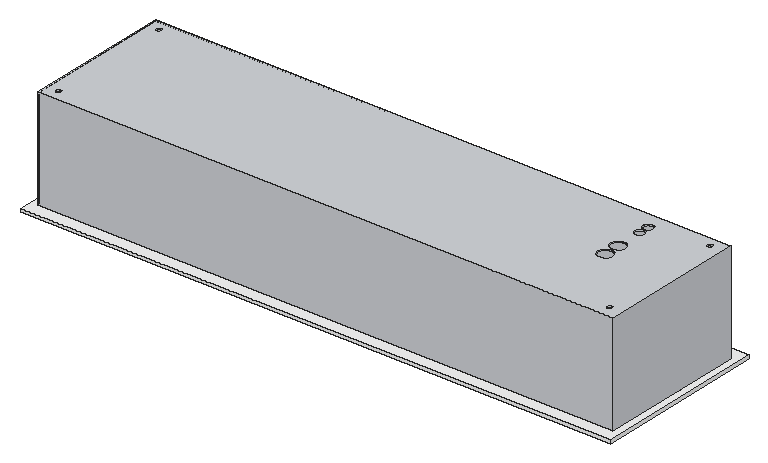
Revit family "C1000R", category Mechanical Equipment, host Ceiling, Revit 2015
Parameters (values of type "C1000WR 82/71")
  wall to water hole dis = 187.845 mm
  unit width = 301 mm
  unit length = 1179 mm
  unit center Y = unit width / 2  # 150.5 mm
  unit center X = unit length / 2  # 589.5 mm
  max air volume (m3/h) = "1120"
  holes distance = 33 mm
  flange width = 353 mm
  flange length = 1209 mm
  drop rod 2 = 21.86 mm
  drop rod 1 = 25 mm
  center Y = flange width / 2  # 176.5 mm
  center X = flange length / 2  # 604.5 mm
  boundary work space box = no
  boundary work space = 408.856 mm
  Weight = "22kg"
  URL = "http://www.thermoscreens.com/"
  Supply (50hz) = "230V 1P&N"
  Noise output dB(A) @3m med = "53"
  Noise output dB(A) @3m low = "50"
  Noise output dB(A) @3m high = 55 mm
  Max velocity (m/s) = "8.5"
  Loading (A) per phase = "0.7"
  Heat output (kW) = "6"
  Flow = no
  D = 140 mm
Types (3, lengths in mm): name | max air volume (m3/h) | boundary work space | Weight | Supply (50hz) | Max velocity (m/s) | Loading (A) per phase | Heat output (kW)
  C1000ER | "1190" | 500 | "20kg" | "400V 3P&N" | "9" | "13.7" | "4.5/9"
  C1000WR 82/71 | "1120" | 408.856 | "22kg" | "230V 1P&N" | "8.5" | "0.7" | "6"
  C1000AR | "1190" | 408.856 | "19KG" | "230V 1P&N" | "9" | "0.7" | "0"
Reference planes
  plane 1 "Center (Front/Back)": y = 0
  plane 2: z = 0
  plane 3 "Center (Left/Right)": x = 0
  plane 4 "Ceiling": z = 4000
Forms (mm)
  Extrusion 1, solid, material "Default"
    sketch origin (0, 0, 4000) x (0, 1, 0) y (-1, 0, 0)
      loop
        line (176.5, 604.5) -> (-176.5, 604.5) -> (-176.5, -604.5) -> (176.5, -604.5) -> (176.5, 604.5)
    from -7 to 0
  Extrusion 2, solid
    sketch origin (0, 0, 4000) x (0, 1, 0) y (-1, 0, 0)
      loop
        line (150.5, 589.5) -> (-150.5, 589.5) -> (-150.5, -589.5) -> (150.5, -589.5) -> (150.5, 589.5)
    from 0 to 1.2
  Extrusion 3, solid
    sketch origin (589.5, -150.5, 4000) x (-1, 0, 0) y (0, 0, -1)
      loop
        line (1179, 0) -> (0, 0) -> (0, -207.2) -> (1179, -207.2) -> (1179, 0)
    from 0 to -1.2
  Extrusion 4, solid
    sketch origin (-589.5, -150.5, 4000) x (0, 1, 0) y (0, 0, -1)
      loop
        line (0, -207.2) -> (301, -207.2) -> (301, 0) -> (0, 0) -> (0, -207.2)
    from 0 to -1.2
  Extrusion 5, solid
    sketch origin (-589.5, 150.5, 4000) x (1, 0, 0) y (0, 0, -1)
      loop
        line (0, -207.2) -> (1179, -207.2) -> (1179, 0.036) -> (0, 0.036) -> (0, -207.2)
    from 0 to -1.2
  Extrusion 6, solid
    sketch origin (589.5, -149.3, 4207.2) x (0, 1, 0) y (0, 0, 1)
      loop
        line (-1.2, 0) -> (-1.2, -207.2) -> (299.8, -207.2) -> (299.8, 0) -> (-1.2, 0)
    from 0 to -1.2
  Extrusion 7, solid
    sketch origin (-588.3, 150.5, 4207.2) x (1, 0, 0) y (0, 1, 0)
      loop
        line (1177.8, -301) -> (1177.8, 0) -> (-1.2, 0) -> (-1.2, -301) -> (1177.8, -301)
    from 0 to -1.2
  Extrusion 8, void
    sketch origin (-589.5, -149.3, 4207.2) x (-1, 0, 0) y (0, 1, 0)
      loop
        circle (-25, 20.66) r 5
      loop
        circle (-25, 277.94) r 5
      loop
        circle (-1154, 20.66) r 5
      loop
        circle (-1154, 277.94) r 5
    from 0 to 1.2
  Extrusion 9, void
    sketch origin (-589.5, -149.3, 4207.2) x (-1, 0, 0) y (0, 1, 0)
      loop
        circle (-1039, 153.645) r 15
      loop
        circle (-1039, 186.645) r 15
    from 0 to 1.2
  Extrusion 10, void
    sketch origin (-589.5, -149.3, 4207.2) x (-1, 0, 0) y (0, 1, 0)
      loop
        circle (-1039, 242.095) r 10
      loop
        circle (-1039, 263.494) r 10
    from 0 to 1.2
  Extrusion 11, void
    sketch origin (0, 0, 3993) x (0, 1, 0) y (-1, 0, 0)
      loop
        line (-150.5, -589.5) -> (-135.5, -589.5) -> (-135.5, 589.5) -> (-150.5, 589.5) -> (-150.5, -589.5)
      loop
        line (-125.5, 589.5) -> (-125.5, -589.5) -> (-110.5, -589.5) -> (-110.5, 589.5) -> (-125.5, 589.5)
      loop
        line (-100.5, 589.5) -> (-100.5, -589.5) -> (-85.5, -589.5) -> (-85.5, 589.5) -> (-100.5, 589.5)
      loop
        line (-75.5, 589.5) -> (-75.5, -589.5) -> (-60.5, -589.5) -> (-60.5, 589.5) -> (-75.5, 589.5)
      loop
        line (-43.659, 589.5) -> (-43.659, -589.5) -> (-38.659, -589.5) -> (-38.659, 589.5) -> (-43.659, 589.5)
      loop
        line (-33.659, 589.5) -> (-33.659, -589.5) -> (-28.659, -589.5) -> (-28.659, 589.5) -> (-33.659, 589.5)
      loop
        line (-23.659, 589.5) -> (-23.659, -589.5) -> (-18.659, -589.5) -> (-18.659, 589.5) -> (-23.659, 589.5)
      loop
        line (-13.659, 589.5) -> (-13.659, -589.5) -> (-8.659, -589.5) -> (-8.659, 589.5) -> (-13.659, 589.5)
      loop
        line (-3.659, 589.5) -> (-3.659, -589.5) -> (1.341, -589.5) -> (1.341, 589.5) -> (-3.659, 589.5)
      loop
        line (6.341, 589.5) -> (6.341, -589.5) -> (11.341, -589.5) -> (11.341, 589.5) -> (6.341, 589.5)
      loop
        line (16.341, 589.5) -> (16.341, -589.5) -> (21.341, -589.5) -> (21.341, 589.5) -> (16.341, 589.5)
      loop
        line (26.341, 589.5) -> (26.341, -589.5) -> (31.341, -589.5) -> (31.341, 589.5) -> (26.341, 589.5)
      loop
        line (36.341, 589.5) -> (36.341, -589.5) -> (41.341, -589.5) -> (41.341, 589.5) -> (36.341, 589.5)
      loop
        line (46.341, 589.5) -> (46.341, -589.5) -> (51.341, -589.5) -> (51.341, 589.5) -> (46.341, 589.5)
      loop
        line (56.341, 589.5) -> (56.341, -589.5) -> (61.341, -589.5) -> (61.341, 589.5) -> (56.341, 589.5)
      loop
        line (66.341, 589.5) -> (66.341, -589.5) -> (71.341, -589.5) -> (71.341, 589.5) -> (66.341, 589.5)
      loop
        line (76.341, 589.5) -> (76.341, -589.5) -> (81.341, -589.5) -> (81.341, 589.5) -> (76.341, 589.5)
      loop
        line (86.341, 589.5) -> (86.341, -589.5) -> (91.341, -589.5) -> (91.341, 589.5) -> (86.341, 589.5)
      loop
        line (96.341, 589.5) -> (96.341, -589.5) -> (101.341, -589.5) -> (101.341, 589.5) -> (96.341, 589.5)
      loop
        line (106.341, 589.5) -> (106.341, -589.5) -> (111.341, -589.5) -> (111.341, 589.5) -> (106.341, 589.5)
      loop
        line (115.5, 589.5) -> (115.5, -589.5) -> (120.5, -589.5) -> (120.5, 589.5) -> (115.5, 589.5)
      loop
        line (125.5, 589.5) -> (125.5, -589.5) -> (130.5, -589.5) -> (130.5, 589.5) -> (125.5, 589.5)
      loop
        line (135.5, 589.5) -> (135.5, -589.5) -> (140.5, -589.5) -> (140.5, 589.5) -> (135.5, 589.5)
      loop
        line (145.5, 589.5) -> (145.5, -589.5) -> (150.5, -589.5) -> (150.5, 589.5) -> (145.5, 589.5)
    from 0 to 6
  Extrusion 12, solid, material "AIR FLOW", visible <- "Flow", detail levels fine
    sketch origin (0, 0, 3993) x (-1, 0, 0) y (0, 1, 0)
      loop
        line (-604.5, -176.5) -> (604.5, -176.5) -> (604.5, 176.5) -> (-604.5, 176.5) -> (-604.5, -176.5)
    from 0 to 2750
  Extrusion 13, solid, material "Glass", visible <- "boundary work space box", detail levels fine
    sketch origin (-589.5, -149.3, 4207.2) x (0, 1, 0) y (-1, 0, 0)
      loop
        line (-410.056, -1602.856) -> (299.8, -1602.856) -> (299.8, -1179) -> (-1.2, -1179) -> (-1.2, -1.2) -> (299.8, -1.2) -> (299.8, 407.656) -> (-410.056, 407.656) -> (-410.056, -1602.856)
    from -207.2 to -1.2
Cuts and joins
  Extrusion 8, Extrusion 9, Extrusion 10 cuts Extrusion 2
  Extrusion 8, Extrusion 9, Extrusion 10 cuts Extrusion 3
  Extrusion 8, Extrusion 9, Extrusion 10 cuts Extrusion 4
  Extrusion 8, Extrusion 9, Extrusion 10 cuts Extrusion 5
  Extrusion 8, Extrusion 9, Extrusion 10 cuts Extrusion 6
  Extrusion 8, Extrusion 9, Extrusion 10 cuts Extrusion 7
  joined: Extrusion 2, Extrusion 3, Extrusion 4, Extrusion 5, Extrusion 6, Extrusion 7
  Extrusion 8, Extrusion 9, Extrusion 10, Extrusion 11 cuts Extrusion 1
Dimensions and locks
  equal spacing: host sketch curve, plane 3 "Center (Left/Right)", host sketch curve
  equal spacing: host sketch curve, plane 1 "Center (Front/Back)", host sketch curve
  host sketch curve to host sketch curve = 4000 mm  (x2)
  locked: plane 4 "Ceiling" to host ceiling at 0
  "flange length": Extrusion 1 sketch curve to Extrusion 1 sketch curve
  "center X": Extrusion 1 sketch curve to plane 3 "Center (Left/Right)"
  "center Y": plane 1 "Center (Front/Back)" to Extrusion 1 sketch curve
  "flange width": Extrusion 1 sketch curve to Extrusion 1 sketch curve
  "unit center Y": plane 1 "Center (Front/Back)" to Extrusion 2 sketch curve
  "unit center X": Extrusion 2 sketch curve to plane 3 "Center (Left/Right)"
  "drop rod 1": cut or joined group 1 (Extrusion 2, Extrusion 3, Extrusion 4, Extrusion 5, Extrusion 6, Extrusion 7, Extrusion 8, Extrusion 9, Extrusion 10) to Extrusion 8 sketch curve  (x2)
  "drop rod 2": cut or joined group 1 to Extrusion 8 sketch curve  (x4)
  "drop rod 1": Extrusion 8 sketch curve to cut or joined group 1  (x2)
  "D": cut or joined group 1 to Extrusion 9 sketch curve
  "wall to water hole dis": cut or joined group 1 to Extrusion 9 sketch curve
  "holes distance": Extrusion 9 sketch curve to Extrusion 9 sketch curve
  "D": cut or joined group 1 to Extrusion 10 sketch curve
  "boundary work space": cut or joined group of Extrusion 1, Extrusion 8, Extrusion 9, Extrusion 10, Extrusion 11 to Extrusion 13 sketch curve
  "boundary work space": Extrusion 13 sketch curve to cut or joined group 1  (x2)
Automatic sketch dimensions
  Extrusion 3 sketch curve to Extrusion 2 = 206 mm
  Extrusion 5 sketch curve to Extrusion 2 = 206 mm
  Extrusion 7 sketch curve to Extrusion 5 = 0 mm  (x3)
  Extrusion 7 sketch curve to Extrusion 5 = 299.8 mm
  Extrusion 7 to Extrusion 6 sketch curve = 0 mm
  Extrusion 6 sketch curve to Extrusion 7 = 0 mm  (x2)
  Extrusion 6 sketch curve to Extrusion 7 = 206 mm
  Extrusion 4 sketch curve to Extrusion 2 = 206 mm
  Extrusion 4 sketch curve to Extrusion 2 = 0 mm  (x2)
  Extrusion 2 to Extrusion 4 sketch curve = 1.2 mm
  Extrusion 5 sketch curve to Extrusion 2 = 0 mm  (x2)
  Extrusion 5 sketch curve to Extrusion 2 = 0.036 mm
  Extrusion 3 sketch curve to Extrusion 2 = 0 mm  (x2)
  Extrusion 2 to Extrusion 3 sketch curve = 1.2 mm
  Extrusion 1 to Extrusion 11 sketch curve = 26 mm
  Extrusion 11 sketch curve to Extrusion 11 sketch curve = 15 mm  (x4)
  Extrusion 11 sketch curve to Extrusion 11 sketch curve = 10 mm  (x3)
  Extrusion 11 sketch curve to Extrusion 11 sketch curve = 16.841 mm
  Extrusion 11 sketch curve to Extrusion 11 sketch curve = 5 mm  (x38)
  Extrusion 11 sketch curve to Extrusion 11 sketch curve = 4.159 mm
  Extrusion 1 to Extrusion 11 sketch curve = 15 mm  (x8)
  Extrusion 11 sketch curve to Extrusion 11 sketch curve = 0 mm  (x40)
  Extrusion 12 sketch curve to Extrusion 1 = 0 mm  (x4)
  Extrusion 2 sketch curve to plane 1 "Center (Front/Back)" = 150.5 mm
  plane 3 "Center (Left/Right)" to Extrusion 2 sketch curve = 589.5 mm
  Extrusion 9 sketch curve to Extrusion 9 sketch curve = 0 mm
  Extrusion 10 sketch curve to Extrusion 10 sketch curve = 0 mm
  Extrusion 10 sketch curve to Extrusion 4 = 36.306 mm
  Extrusion 10 sketch curve to Extrusion 10 sketch curve = 21.399 mm
  Extrusion 4 to Extrusion 13 sketch curve = 0 mm  (x2)
  Extrusion 13 sketch curve to Extrusion 4 = 0 mm  (x2)
  Extrusion 13 sketch curve to Extrusion 13 sketch curve = 423.856 mm
  radius of Extrusion 8 sketch curve = 5 mm  (x4)
  radius of Extrusion 9 sketch curve = 15 mm  (x2)
  radius of Extrusion 10 sketch curve = 10 mm  (x2)
Connectors
  piping at (-564.5, 128.64, 4207.2), diameter 10
    settings: on cut or joined group 1, index 3, connector inside diameter 609.6 mm, connector length 0 mm, flow factor 0, pipe flow 0.0 L/s, pressure drop 0.0 Pa, fitting loss kfactor 0, connector angle 0.00°, fixture units 0, engagement length 0 mm, angle of deflection 0.00°, flow configuration 0, flow direction 0, fitting loss method 0, system type 28, joint type 0, gender type 0, connector reference index -1, connector utility 0, adjustable connector no, is connector primary yes, connector description ""
  piping at (-564.5, -128.64, 4207.2), diameter 10
    settings: on cut or joined group 1, index 4, connector inside diameter 609.6 mm, connector length 0 mm, flow factor 0, pipe flow 0.0 L/s, pressure drop 0.0 Pa, fitting loss kfactor 0, connector angle 0.00°, fixture units 0, engagement length 0 mm, angle of deflection 0.00°, flow configuration 0, flow direction 0, fitting loss method 0, system type 28, joint type 0, gender type 0, connector reference index -1, connector utility 0, adjustable connector no, is connector primary no, connector description ""
  piping at (564.5, -128.64, 4207.2), diameter 10
    settings: on cut or joined group 1, index 5, connector inside diameter 609.6 mm, connector length 0 mm, flow factor 0, pipe flow 0.0 L/s, pressure drop 0.0 Pa, fitting loss kfactor 0, connector angle 0.00°, fixture units 0, engagement length 0 mm, angle of deflection 0.00°, flow configuration 0, flow direction 0, fitting loss method 0, system type 28, joint type 0, gender type 0, connector reference index -1, connector utility 0, adjustable connector no, is connector primary no, connector description ""
  piping at (564.5, 128.64, 4206), diameter 10
    settings: on cut or joined group 1, index 6, connector inside diameter 609.6 mm, connector length 0 mm, flow factor 0, pipe flow 0.0 L/s, pressure drop 0.0 Pa, fitting loss kfactor 0, connector angle 0.00°, fixture units 0, engagement length 0 mm, angle of deflection 0.00°, flow configuration 0, flow direction 0, fitting loss method 0, system type 28, joint type 0, gender type 0, connector reference index -1, connector utility 0, adjustable connector no, is connector primary no, connector description ""
  electrical at (449.5, 114.194, 4207.2)
    settings: on cut or joined group 1, index 7, voltage 0 V, apparent load 0 VA, apparent load phase1 0 VA, apparent load phase2 0 VA, apparent load phase3 0 VA, power factor 1, load classification "Other", number of poles 1, system type 14, power factor state 1, is connector primary yes, connector utility no, sub classification motor no, connector description ""
  electrical at (449.5, 92.795, 4207.2)
    settings: on cut or joined group 1, index 8, voltage 0 V, apparent load 0 VA, apparent load phase1 0 VA, apparent load phase2 0 VA, apparent load phase3 0 VA, power factor 1, load classification "Other", number of poles 1, system type 14, power factor state 1, is connector primary no, connector utility no, sub classification motor no, connector description ""
